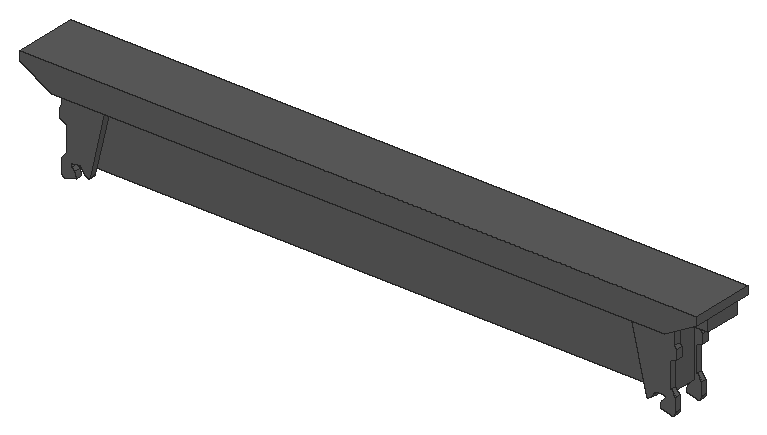
Revit family "CC4_SUPPORTING TRANSVERSAL 0,75_1870990", category Generic Models, Revit 2018
Family settings
  Can host rebar = No
  Round Connector Dimension = Use Diameter
  Part Type = Normal
  OmniClass Number = 35.51.14.00
  OmniClass Title = FORMWORK
  Work Plane-Based = Yes
  Always vertical = No
  Cut with Voids When Loaded = No
  Shared = Yes
  Room Calculation Point = No
Parameters
  VERSION = "20190101"  # constant formula
  URL = "www.ulmaconstruction.com/en"
  UNICLASS = ""
  ITEM_CODE = "1870990"
  Manufacturer = "ULMA CONSTRUCTION"  # constant formula
  FILTER [instance] = ""
  Default Elevation = 0.000 mm
  CLASSIFICATION_TITLE = ""
  CLASSIFICATION_NUMBER = ""
Reference planes
  plane 1 "Centro (Frontal/Posterior)": y = 0
  plane 2: z = 0
  plane 3 "Centro (Izquierda/Derecha)": x = 0
  plane 4 "ITEM_LENGTH": x = 750
Forms (mm)
  Extrusion 1, solid, material "ULMA BLACK", detail levels fine
    sketch origin (0, 0, 0) x (0, 1, 0) y (0, 0, 1)
      loop
        line (20, -30) -> (20, -100) -> (50, -100) -> (50, -30) -> (20, -30)
    from 44 to 706
  Extrusion 2, solid, material "ULMA BLACK", detail levels fine
    sketch origin (0, 0, 0) x (1, 0, 0) y (0, 0, 1)
      loop
        line (67.216, -108.274) -> (85.5, -30) -> (35.5, -30) -> (35.5, -47.08) -> (33.5, -50.544) -> (33.5, -60.544) -> (41, -64.874) -> (41, -92.467) -> (35.25, -99.32) -> (35.25, -114.107)
        arc (35.25, -114.107) -> (36.815, -117.28) -> (40.285, -117.97) r 4
        line (40.285, -117.97) -> (51.75, -114.898)
        arc (51.75, -114.898) -> (51.328, -111.216) -> (50.16, -107.698) r 18
        line (50.16, -107.698) -> (46.775, -104.313)
        arc (46.775, -104.313) -> (46.341, -102.133) -> (48.189, -100.898) r 2
        line (48.189, -100.898) -> (55.807, -100.898)
        arc (55.807, -100.898) -> (57.057, -101.233) -> (57.972, -102.148) r 2.5
        line (57.972, -102.148) -> (61.234, -107.798) -> (64.269, -109.551)
        arc (64.269, -109.551) -> (66.064, -109.654) -> (67.216, -108.274) r 2
    from -20 to -14
  Extrusion 3, solid, material "ULMA BLACK", detail levels fine
    sketch origin (0, 0, 0) x (1, 0, 0) y (0, 0, 1)
      loop
        line (67.216, -108.274) -> (85.5, -30) -> (35.5, -30) -> (35.5, -47.08) -> (33.5, -50.544) -> (33.5, -60.544) -> (41, -64.874) -> (41, -92.467) -> (35.25, -99.32) -> (35.25, -114.107)
        arc (35.25, -114.107) -> (36.815, -117.28) -> (40.285, -117.97) r 4
        line (40.285, -117.97) -> (51.75, -114.898)
        arc (51.75, -114.898) -> (51.328, -111.216) -> (50.16, -107.698) r 18
        line (50.16, -107.698) -> (46.775, -104.313)
        arc (46.775, -104.313) -> (46.341, -102.133) -> (48.189, -100.898) r 2
        line (48.189, -100.898) -> (55.807, -100.898)
        arc (55.807, -100.898) -> (57.057, -101.233) -> (57.972, -102.148) r 2.5
        line (57.972, -102.148) -> (61.234, -107.798) -> (64.269, -109.551)
        arc (64.269, -109.551) -> (66.064, -109.654) -> (67.216, -108.274) r 2
    from -56 to -50
  Extrusion 4, solid, material "ULMA BLACK", detail levels fine
    sketch origin (0, 0, 0) x (1, 0, 0) y (0, 0, 1)
      loop
        arc (682.784, -108.274) -> (683.936, -109.654) -> (685.731, -109.551) r 2
        line (685.731, -109.551) -> (688.766, -107.798) -> (692.028, -102.148)
        arc (692.028, -102.148) -> (692.943, -101.233) -> (694.193, -100.898) r 2.5
        line (694.193, -100.898) -> (701.811, -100.898)
        arc (701.811, -100.898) -> (703.659, -102.133) -> (703.225, -104.313) r 2
        line (703.225, -104.313) -> (699.84, -107.698)
        arc (699.84, -107.698) -> (698.672, -111.216) -> (698.25, -114.898) r 18
        line (698.25, -114.898) -> (709.715, -117.97)
        arc (709.715, -117.97) -> (713.185, -117.28) -> (714.75, -114.107) r 4
        line (714.75, -114.107) -> (714.75, -99.32) -> (709, -92.467) -> (709, -64.874) -> (716.5, -60.544) -> (716.5, -50.544) -> (714.5, -47.08) -> (714.5, -30) -> (664.5, -30) -> (682.784, -108.274)
    from -56 to -50
  Extrusion 5, solid, material "ULMA BLACK", detail levels fine
    sketch origin (0, 0, 0) x (1, 0, 0) y (0, 0, 1)
      loop
        line (664.5, -30) -> (682.784, -108.274)
        arc (682.784, -108.274) -> (683.936, -109.654) -> (685.731, -109.551) r 2
        line (685.731, -109.551) -> (688.766, -107.798) -> (692.028, -102.148)
        arc (692.028, -102.148) -> (692.943, -101.233) -> (694.193, -100.898) r 2.5
        line (694.193, -100.898) -> (701.811, -100.898)
        arc (701.811, -100.898) -> (703.659, -102.133) -> (703.225, -104.313) r 2
        line (703.225, -104.313) -> (699.84, -107.698)
        arc (699.84, -107.698) -> (698.672, -111.216) -> (698.25, -114.898) r 18
        line (698.25, -114.898) -> (709.715, -117.97)
        arc (709.715, -117.97) -> (713.185, -117.28) -> (714.75, -114.107) r 4
        line (714.75, -114.107) -> (714.75, -99.32) -> (709, -92.467) -> (709, -64.874) -> (716.5, -60.544) -> (716.5, -50.544) -> (714.5, -47.08) -> (714.5, -30) -> (664.5, -30)
    from -20 to -14
  Extrusion 6, solid, material "ULMA BLACK", detail levels fine
    sketch origin (0, 0, 0) x (0, 1, 0) y (0, 0, 1)
      loop
        line (0, 0) -> (0, -30) -> (70, -30) -> (70, 0) -> (0, 0)
    from 0 to 750
  Extrusion 7, void
    sketch origin (0, 0, 0) x (1, 0, 0) y (0, 0, 1)
      loop
        line (35.641, -30) -> (0, -9.423) -> (0, -30) -> (35.641, -30)
    from -70 to 0
  Extrusion 8, void
    sketch origin (0, 0, 0) x (1, 0, 0) y (0, 0, 1)
      loop
        line (750, -9.423) -> (714.359, -30) -> (750, -30) -> (750, -9.423)
    from -70 to 0
  Extrusion 9, solid, material "ULMA BLACK", detail levels fine
    sketch origin (0, 0, 0) x (1, 0, 0) y (0, 0, 1)
      loop
        line (750, -9.423) -> (728.215, -22) -> (750, -22) -> (750, -9.423)
    from -55 to -15
  Extrusion 10, solid, material "ULMA BLACK", detail levels fine
    sketch origin (0, 0, 0) x (1, 0, 0) y (0, 0, 1)
      loop
        line (21.785, -22) -> (0, -9.423) -> (0, -22) -> (21.785, -22)
    from -55 to -15
  Extrusion 11, solid, material "ULMA BLACK", detail levels medium
    sketch origin (0, 0, 0) x (1, 0, 0) y (0, 1, 0)
      loop
        line (0, 70) -> (0, 0) -> (750, 0) -> (750, 70) -> (0, 70)
    from 0 to -100
Cuts and joins
  Extrusion 7, Extrusion 8 cuts Extrusion 6
Lines and regions (mm)
  model lines, style "ULMA SUPPORTING", detail levels coarse
    curve 1: line (0, 0, 0) -> (75, 0, 0)
    curve 2: line (675, 0, 0) -> (750, 0, 0)
    curve 3: line (75, 35, 0) -> (675, 35, 0)
    curve 4: line (75, -35, 0) -> (75, 35, 0)
    curve 5: line (675, -35, 0) -> (75, -35, 0)
    curve 6: line (675, 35, 0) -> (675, -35, 0)
Dimensions and locks
  locked: plane 4 "ITEM_LENGTH" to plane 3 "Centro (Izquierda/Derecha)" at 750
  aligned and locked: level to plane 2
  aligned and locked: plane 4 "ITEM_LENGTH" to cut or joined group of Extrusion 6, Extrusion 7, Extrusion 8
  aligned and locked: plane 4 "ITEM_LENGTH" to Extrusion 9
  aligned and locked: Extrusion 6 to plane 3 "Centro (Izquierda/Derecha)"
  aligned and locked: Extrusion 10 to plane 3 "Centro (Izquierda/Derecha)"
